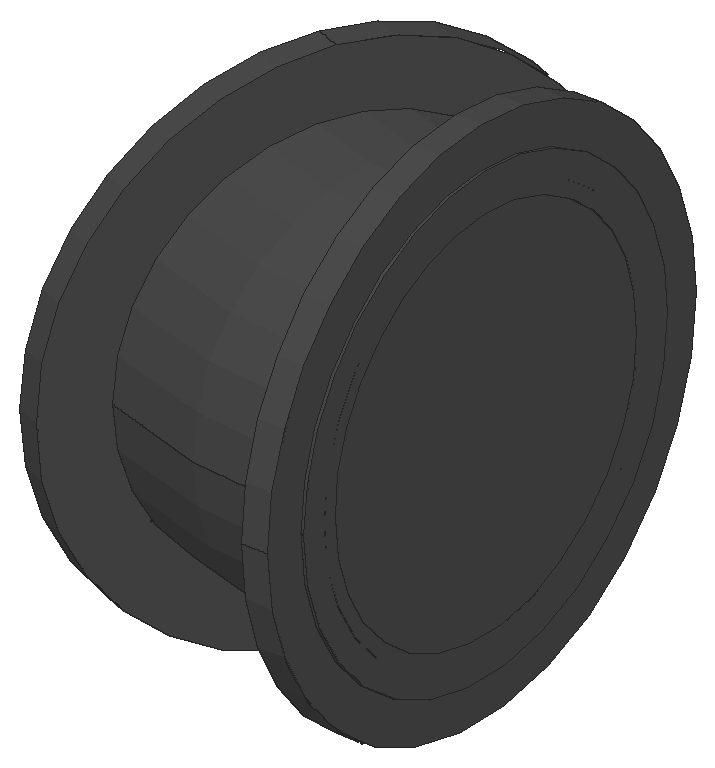
Revit family "FoFo_FF_Curva22", category Pipe Fittings, Revit 2025
Family settings
  Round Connector Dimension = Use Radius
  Part Type = Elbow
  OmniClass Number = 23.60.30.11.14
  OmniClass Title = Pipework Fittings
  Work Plane-Based = Yes
  Always vertical = No
  Cut with Voids When Loaded = No
  Shared = Yes
Parameters (values of type "C22F_0400")
  PN = "10"
  Material_Conexao = FOFO
  Manufacturer = "SGC"
  Loss Method = K Coefficient from Table
  K Coefficient Table = "Tee"
  Junta_1_Tipo = FoFo_FF_Junta : FLA_10_0400
  Description = "Curva 22"
  Default Elevation = 0.0 mm
  DN = "400"
  Corpo_R = Corpo_L / tan(11.25°)  # 553.007 mm
  Corpo_L = 110.0 mm
  Corpo_RE1 = 0.5 * Corpo_DE  # 214.5 mm
  Corpo_DE = 429.0 mm
Reference planes
  plane 1 "EixoP": y = 205.208
  plane 2: z = 0
  plane 3 "EixoS": x = 434.476
  plane 4: y = 758.215
  plane 5: x = 544.476
Forms (mm)
  Sweep 1, solid, material "FOFO" <- "Material_Conexao"
    path origin (0.002, -0.001, 0) x (1, 0, 0) y (0, 1, 0)
      loop
        arc (544.474, 205.189) -> (436.584, 215.82) -> (332.842, 247.295) r 553.026
    profile origin (436.586, 215.82, 0) x (-0.195133, -0.980777, 0) y (0, 0, 1)
      loop
        circle (0, 0) r 214.5
Lines and regions (mm)
  model lines, style "PipeFittingCenterLine"
    curve 1: line (332.843, 247.294, -189) -> (332.843, 247.294, 189)
    curve 4: line (332.849, 247.308, 0) -> (434.476, 205.208, 0)
    curve 5: line (434.476, 205.208, 0) -> (544.476, 205.208, 0)
  reference lines
    curve 2: line (434.476, 205.208, 0) -> (332.849, 247.308, 0)
    curve 3: line (434.476, 205.208, 0) -> (544.476, 205.208, 0)
Dimensions and locks
  "Corpo_L": plane 5 to plane 3 "EixoS"
  "Corpo_R": plane 4 to plane 1 "EixoP"
  "Corpo_DE": diameter of Sweep 1 sketch curve
  locked: plane 5 to plane 1 "EixoP" (angle 90.00°)
  locked: Sweep 1 sketch curve to Sweep 1 sketch curve (angle 22.50°)
  locked: curve 3 to curve 2 (angle 157.498°)
  aligned and locked: plane 5 to Sweep 1 sketch curve
  aligned and locked: Sweep 1 to curve 2
  aligned and locked: curve 3 to plane 1 "EixoP"
  aligned and locked: plane 5 to curve 3
  aligned and locked: plane 3 "EixoS" to curve 3
  aligned and locked: Sweep 1 to curve 4
  aligned and locked: curve 4 to curve 2
  aligned and locked: curve 5 to plane 1 "EixoP"
Automatic sketch dimensions
  curve 1 to level = 189.0 mm
  level to curve 1 = 189.0 mm
  Sweep 1 sketch curve to plane 4 = 0.001 mm
  plane 1 "EixoP" to Sweep 1 sketch curve = 0.02 mm
  plane 5 to Sweep 1 sketch curve = 0.024 mm
  plane 5 to curve 5 = 0.0 mm
  level to Sweep 1 sketch curve = 0.0 mm
  Sweep 1 sketch curve to profile plane = 0.0 mm
Nested families
  nested 1: "FoFo_FF_Junta" at (544.476, 205.189, 0) x (0, 1, 0) z (1, 0, 0), type <- "Junta_1_Tipo", type "FLA_10_0400"
    with Furo_V 252.552 mm, Flange_RT 214.5 mm, Flange_RL 200.0 mm, Flange_RG 240.0 mm, Flange_RF 257.5 mm, Flange_RD 282.5 mm, Furo_Quant 16, Flange_MA 11.25°, Furo_H 50.236 mm, Flange_Diam_Resalto 480.0 mm, Furo_Raio 12.0 mm, Furo_Diam 24.0 mm, Flange_Diam_Livre 400.0 mm, Flange_Diam_Furacao 515.0 mm, Flange_Diam_Tubo 429.0 mm, Flange_Diam_Externo 565.0 mm, Flange_Resalto 4.0 mm, Flange_Altura 28.0 mm
  nested 2: "FoFo_FF_Junta" at (332.843, 247.294, 0) x (0, 0, 1) z (-0.9239, 0.3827, 0), type <- "Junta_1_Tipo", type "FLA_10_0400"
    with Furo_V 252.552 mm, Flange_RT 214.5 mm, Flange_RL 200.0 mm, Flange_RG 240.0 mm, Flange_RF 257.5 mm, Flange_RD 282.5 mm, Furo_Quant 16, Flange_MA 11.25°, Furo_H 50.236 mm, Flange_Diam_Resalto 480.0 mm, Furo_Raio 12.0 mm, Furo_Diam 24.0 mm, Flange_Diam_Livre 400.0 mm, Flange_Diam_Furacao 515.0 mm, Flange_Diam_Tubo 429.0 mm, Flange_Diam_Externo 565.0 mm, Flange_Resalto 4.0 mm, Flange_Altura 28.0 mm
Connectors
  piping at (544.476, 205.189, 0), diameter 429, driven by "Corpo_RE1"
    settings: on Sweep 1, index 1, connector inside diameter 24", connector length 0.0 mm, flow factor 0, pipe flow 0 GPM, pressure drop 0.00 psi, fitting loss kfactor 0, connector angle 0.00°, fixture units 0, engagement length 0.0 mm, angle of deflection 0.00°, flow configuration 0, flow direction 0, fitting loss method 0, system type 7, joint type 0, gender type 0, connector reference index -1, connector utility 0, adjustable connector no, is connector primary yes, connector description ""
  piping at (332.843, 247.294, 0), diameter 429, driven by "Corpo_RE1"
    settings: on Sweep 1, index 2, connector inside diameter 24", connector length 0.0 mm, flow factor 0, pipe flow 0 GPM, pressure drop 0.00 psi, fitting loss kfactor 0, connector angle 0.00°, fixture units 0, engagement length 0.0 mm, angle of deflection 0.00°, flow configuration 0, flow direction 0, fitting loss method 0, system type 7, joint type 0, gender type 0, connector reference index -1, connector utility 0, adjustable connector no, is connector primary no, connector description ""
Definition of nested family "FoFo_FF_Junta"
  Parameters (values of type "FLA_10_0080")
    PN = "10"
    Material_Conexao = none
    Manufacturer = "SGC"
    Furo_V = Flange_RF * cos(Flange_MA)  # 73.91 mm
    Flange_RT = 0.5 * Flange_Diam_Tubo  # 49.0 mm
    Flange_RL = 0.5 * Flange_Diam_Livre  # 40.0 mm
    Flange_RG = 0.5 * Flange_Diam_Resalto  # 66.0 mm
    Flange_RF = 0.5 * Flange_Diam_Furacao  # 80.0 mm
    Flange_RD = 0.5 * Flange_Diam_Externo  # 100.0 mm
    Furo_Quant = 8
    Flange_MA = 0.5 * (360.00° / Furo_Quant)  # 22.50°
    Furo_H = Flange_RF * sin(Flange_MA)  # 30.615 mm
    Flange_Diam_Resalto = 132.0 mm
    Furo_Raio = 0.5 * Furo_Diam  # 8.0 mm
    Furo_Diam = 16.0 mm
    Flange_Diam_Livre = 80.0 mm
    Flange_Diam_Furacao = 160.0 mm
    Flange_Diam_Tubo = 98.0 mm
    Flange_Diam_Externo = 200.0 mm
    Flange_Resalto = 3.0 mm
    Flange_Altura = 19.0 mm
    Description = "Flange"
    Default Elevation = 0.0 mm
    DN = "80"
  Reference planes
    plane 1 "Centro (Frente/Trás)": y = 0
    plane 2: z = 0
    plane 3 "Centro (Esquerda/Direita)": x = 0
    plane 4: z = -3
    plane 5: z = -22
  Forms (mm)
    Extrusion 1, solid
      sketch origin (0, 0, 0) x (1, 0, 0) y (0, 1, 0)
        loop
          circle (0, 0) r 100
      from -22 to -3
    Extrusion 2, solid
      sketch origin (0, 0, 0) x (1, 0, 0) y (0, 1, 0)
        loop
          circle (0, 0) r 66
      from 0 to -3
    Extrusion 3, void
      sketch origin (0, 0, 0) x (1, 0, 0) y (0, 1, 0)
        loop
          circle (0, 0) r 40
      from 0 to -22
  Cuts and joins
    Extrusion 3 cuts Extrusion 1
    Extrusion 3 cuts Extrusion 2
    joined: Extrusion 1, Extrusion 2
  Lines and regions (mm)
    model lines
      curve 1: line (-40, 0, 0) -> (40, 0, 0)
      curve 2: line (0, 40, 0) -> (0, -40, 0)
  Dimensions and locks
    "Flange_Resalto": plane 2 to plane 4
    "Flange_Altura": plane 4 to plane 5
    "Flange_RD": radius of Extrusion 1 sketch curve
    "Flange_RG": radius of Extrusion 2 sketch curve
    "Flange_RL": radius of Extrusion 3 sketch curve
    aligned and locked: plane 2 to level
    aligned and locked: Extrusion 1 to plane 5
    aligned and locked: Extrusion 1 to Extrusion 3
    aligned and locked: cut or joined group of Extrusion 1, Extrusion 2, Extrusion 3 to plane 4
    aligned and locked: plane 4 to cut or joined group of Extrusion 1, Extrusion 2, Extrusion 3
  Automatic sketch dimensions
    plane 1 "Centro (Frente/Trás)" to curve 1 = 0.0 mm
    curve 1 to plane 3 "Centro (Esquerda/Direita)" = 40.0 mm
    plane 3 "Centro (Esquerda/Direita)" to curve 1 = 40.0 mm
    plane 1 "Centro (Frente/Trás)" to curve 2 = 40.0 mm
    curve 2 to plane 1 "Centro (Frente/Trás)" = 40.0 mm
    curve 2 to plane 3 "Centro (Esquerda/Direita)" = 0.0 mm
    plane 1 "Centro (Frente/Trás)" to Extrusion 1 sketch curve = 0.0 mm
    Extrusion 1 sketch curve to plane 3 "Centro (Esquerda/Direita)" = 0.0 mm
    plane 1 "Centro (Frente/Trás)" to Extrusion 2 sketch curve = 0.0 mm
    Extrusion 2 sketch curve to plane 3 "Centro (Esquerda/Direita)" = 0.0 mm
    plane 1 "Centro (Frente/Trás)" to Extrusion 3 sketch curve = 0.0 mm
    Extrusion 3 sketch curve to plane 3 "Centro (Esquerda/Direita)" = 0.0 mm
Types in the file's own list only (15): name | Junta_1_Tipo | DN | Corpo_R | Corpo_L | Corpo_RE1 | Corpo_DE
  C22F_0080 | FoFo_FF_Junta : FLA_10_0080 | "80" | 527.9 mm | 105.0 mm | 49.0 mm | 98.0 mm
  C22F_0100 | FoFo_FF_Junta : FLA_10_0100 | "100" | 553.0 mm | 110.0 mm | 59.0 mm | 118.0 mm
  C22F_0150 | FoFo_FF_Junta : FLA_10_0150 | "150" | 598.3 mm | 119.0 mm | 85.0 mm | 170.0 mm
  C22F_0200 | FoFo_FF_Junta : FLA_10_0200 | "200" | 658.6 mm | 131.0 mm | 111.0 mm | 222.0 mm
  C22F_0250 | FoFo_FF_Junta : FLA_10_0250 | "250" | 749.1 mm | 149.0 mm | 137.0 mm | 274.0 mm
  C22F_0300 | FoFo_FF_Junta : FLA_10_0300 | "300" | 1055.7 mm | 210.0 mm | 163.0 mm | 326.0 mm
  C22F_0350 | FoFo_FF_Junta : FLA_10_0350 | "350" | 899.9 mm | 179.0 mm | 189.0 mm | 378.0 mm
  C22F_0450 | FoFo_FF_Junta : FLA_10_0450 | "450" | 1050.7 mm | 209.0 mm | 240.0 mm | 480.0 mm
  C22F_0500 | FoFo_FF_Junta : FLA_10_0500 | "500" | 1126.1 mm | 224.0 mm | 266.0 mm | 532.0 mm
  C22F_0600 | FoFo_FF_Junta : FLA_10_0600 | "600" | 1276.9 mm | 254.0 mm | 317.5 mm | 635.0 mm
  C22F_0700 | FoFo_FF_Junta : FLA_10_0700 | "700" | 1427.8 mm | 284.0 mm | 369.0 mm | 738.0 mm
  C22F_0800 | FoFo_FF_Junta : FLA_10_0800 | "800" | 1578.6 mm | 314.0 mm | 421.0 mm | 842.0 mm
  C22F_0900 | FoFo_FF_Junta : FLA_10_0900 | "900" | 1729.4 mm | 344.0 mm | 472.5 mm | 945.0 mm
  C22F_1000 | FoFo_FF_Junta : FLA_10_1000 | "1000" | 1880.2 mm | 374.0 mm | 524.0 mm | 1048.0 mm
  C22F_1200 | FoFo_FF_Junta : FLA_10_1200 | "1200" | 2181.9 mm | 434.0 mm | 627.5 mm | 1255.0 mm
